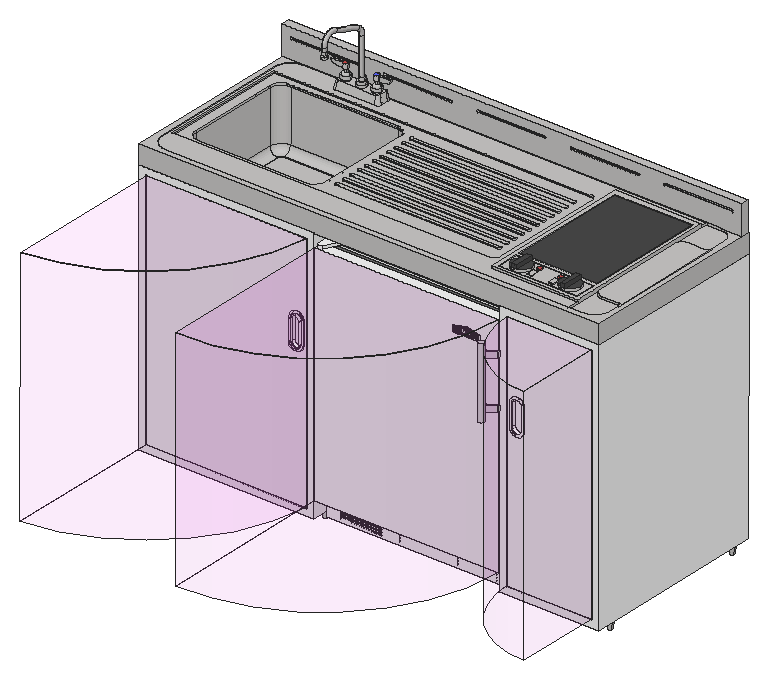
Revit family "QF_Summit_C60ELGLASS_Kitchenette", category Specialty Equipment, Revit 2020 (continued)
Definition of nested family "Summit_CT661W"
  Automatic sketch dimensions
    curve 10 to plane 2 "LEFT" = 0"
    plane 4 "FRONT" to curve 11 = 0"
    plane 4 "FRONT" to curve 3 = 0"
    curve 2 to plane 4 "FRONT" = 0.00241"
    curve 2 to plane 3 "RIGHT" = 0.00418"
    curve 25 to plane 3 "RIGHT" = 0.025"
    curve 17 to plane 3 "RIGHT" = 0.08236"
    curve 24 to curve 17 = 0.04264"
    plane 3 "RIGHT" to curve 22 = 0.04264"
    curve 22 to curve 23 = 0.05736"
    plane 3 "RIGHT" to curve 1 = 0.71294"
    plane 3 "RIGHT" to curve 22 = 0.89527"
    curve 21 to curve 21 = 0.05736"
    curve 21 to curve 19 = 0.35473"
    curve 19 to curve 18 = 1/4"
    plane 3 "RIGHT" to curve 16 = 3.48885"
    plane 2 "LEFT" to curve 2 = 3.48885"
    plane 2 "LEFT" to curve 5 = 1 1/2"
    curve 5 to curve 13 = 1/4"
    curve 6 to curve 8 = 0.29737"
    curve 8 to curve 9 = 0.05736"
    plane 2 "LEFT" to curve 15 = 0.71294"
    curve 10 to curve 10 = 0.1"
    plane 2 "LEFT" to curve 9 = 0.04264"
    curve 12 to plane 2 "LEFT" = 0.025"
    curve 4 to plane 2 "LEFT" = 0.08236"
    curve 4 to curve 11 = 0.04264"
    curve 15 to plane 4 "FRONT" = 0.54772"
    curve 1 to plane 4 "FRONT" = 0.54772"
    curve 3 to curve 3 = 0.13186"
    plane 4 "FRONT" to curve 23 = 0.13186"
    curve 23 to curve 24 = 0.06507"
    curve 12 to curve 9 = 0.01684"
    plane 4 "FRONT" to curve 8 = 0.72888"
    plane 4 "FRONT" to curve 21 = 0.72888"
    curve 8 to curve 9 = 0.08192"
    curve 21 to curve 22 = 0.08192"
    curve 21 to curve 18 = 0.08811"
    curve 8 to curve 5 = 0.08811"
    curve 18 to curve 20 = 0.43301"
    curve 5 to curve 7 = 0.43301"
    curve 13 to curve 2 = 10.37561"
    curve 26 to curve 19 = 3/8"
    curve 17 to curve 20 = 0.04034"
    curve 13 to curve 5 = 1/8"
    curve 7 to curve 4 = 0.04034"
    curve 1 to plane 4 "FRONT" = 0.00241"
    radius of Extrusion 3 sketch curve = 1/4"
    radius of Extrusion 19 sketch curve = 3/8"
  Nested families (in)
    nested 1: "QF_LOGO_SUMMIT" at (17.69244, -23.75, 28.86458), type "QF_LOGO_SUMMIT"
      with Show Logo yes
  Definition of nested family "QF_LOGO_SUMMIT"
    Parameters (values of type "QF_LOGO_SUMMIT")
      Show Logo [instance] = yes
      Default Elevation = 0"
    Reference planes (in)
      plane 1 "Center (Front/Back)": y = 0
      plane 2: z = 0
      plane 3 "Center (Left/Right)": x = 0
      plane 4: x = 1.72603
    Forms (in)
      Extrusion 1, solid
        sketch origin (-11.16229, 0.625, -2.89667) x (1, 0, 0) y (0, 0, -1)
          loop
            line (11.47787, -3.03897) -> (11.47787, -3.18068) -> (11.2411, -3.18068) -> (11.2411, -3.60532) -> (11.63555, -3.69212) -> (11.63555, -3.44494) -> (11.49851, -3.44494) -> (11.47737, -3.48529) -> (11.41852, -3.4847) -> (11.41852, -3.34299) -> (11.63555, -3.34299) -> (11.63555, -2.91649) -> (11.2411, -2.91649) -> (11.2411, -3.07874) -> (11.39788, -3.07874) -> (11.41903, -3.03839) -> (11.47787, -3.03897)
          loop
            line (11.73022, -2.91649) -> (11.73022, -3.71295) -> (11.89213, -3.74858) -> (11.89213, -3.14119) -> (11.97076, -3.14119) -> (11.97076, -3.76588) -> (12.12593, -3.80003) -> (12.12593, -2.91649) -> (11.73022, -2.91649)
          loop
            line (12.22795, -2.91649) -> (12.22795, -3.82675) -> (12.42218, -3.86949) -> (12.54348, -3.38385) -> (12.66208, -3.92228) -> (12.83954, -3.96133) -> (12.83954, -2.91649) -> (12.68166, -2.91649) -> (12.68166, -3.26138) -> (12.58261, -2.91649) -> (12.50318, -2.91649) -> (12.40552, -3.14057) -> (12.40552, -2.91649) -> (12.22795, -2.91649)
          loop
            line (12.93793, -2.91649) -> (12.93793, -3.96561) -> (13.13482, -3.92228) -> (13.25343, -3.38385) -> (13.37473, -3.86949) -> (13.56896, -3.82675) -> (13.56896, -2.91649) -> (13.39139, -2.91649) -> (13.39139, -3.14057) -> (13.29372, -2.91649) -> (13.2143, -2.91649) -> (13.11525, -3.26138) -> (13.11525, -2.91649) -> (12.93793, -2.91649)
          loop
            line (13.66715, -2.91649) -> (13.66715, -3.80514) -> (13.88471, -3.75727) -> (13.88471, -2.91649) -> (13.66715, -2.91649)
          loop
            line (13.98287, -3.5221) -> (13.98287, -3.73567) -> (14.516, -3.61836) -> (14.516, -3.40479) -> (14.3382, -3.44392) -> (14.3382, -2.91649) -> (14.14108, -2.91649) -> (14.14108, -3.48729) -> (13.98287, -3.5221)
        from -0.63712 to -0.625
      Extrusion 2, solid
        sketch origin (-11.16229, 0.625, -2.89667) x (1, 0, 0) y (0, 0, -1)
          loop
            line (12.88832, -4.03474) -> (14.59485, -3.66145) -> (14.59485, -2.89667) -> (11.16229, -2.89667) -> (11.16229, -3.64842) -> (12.88832, -4.03474)
          loop
            line (11.2411, -3.60532) -> (11.63555, -3.69212) -> (11.63555, -3.44494) -> (11.49851, -3.44494) -> (11.47737, -3.48529) -> (11.41852, -3.4847) -> (11.41852, -3.34299) -> (11.63555, -3.34299) -> (11.63555, -2.91649) -> (11.2411, -2.91649) -> (11.2411, -3.07874) -> (11.39788, -3.07874) -> (11.41903, -3.03839) -> (11.47787, -3.03897) -> (11.47787, -3.18068) -> (11.2411, -3.18068) -> (11.2411, -3.60532)
          loop
            line (11.73022, -3.71295) -> (11.89213, -3.74858) -> (11.89213, -3.14119) -> (11.97076, -3.14119) -> (11.97076, -3.76588) -> (12.12593, -3.80003) -> (12.12593, -2.91649) -> (11.73022, -2.91649) -> (11.73022, -3.71295)
          loop
            line (12.22795, -3.82675) -> (12.42218, -3.86949) -> (12.54348, -3.38385) -> (12.66208, -3.92228) -> (12.83954, -3.96133) -> (12.83954, -2.91649) -> (12.68166, -2.91649) -> (12.68166, -3.26138) -> (12.58261, -2.91649) -> (12.50318, -2.91649) -> (12.40552, -3.14057) -> (12.40552, -2.91649) -> (12.22795, -2.91649) -> (12.22795, -3.82675)
          loop
            line (12.93793, -3.96561) -> (13.13482, -3.92228) -> (13.25343, -3.38385) -> (13.37473, -3.86949) -> (13.56896, -3.82675) -> (13.56896, -2.91649) -> (13.39139, -2.91649) -> (13.39139, -3.14057) -> (13.29372, -2.91649) -> (13.2143, -2.91649) -> (13.11525, -3.26138) -> (13.11525, -2.91649) -> (12.93793, -2.91649) -> (12.93793, -3.96561)
          loop
            line (13.66715, -3.80514) -> (13.88471, -3.75727) -> (13.88471, -2.91649) -> (13.66715, -2.91649) -> (13.66715, -3.80514)
          loop
            line (13.98287, -3.73567) -> (14.516, -3.61836) -> (14.516, -3.40479) -> (14.3382, -3.44392) -> (14.3382, -2.91649) -> (14.14108, -2.91649) -> (14.14108, -3.48729) -> (13.98287, -3.5221) -> (13.98287, -3.73567)
        from -0.625 to -0.63712
    Dimensions and locks (in)
      plane 3 "Center (Left/Right)" to plane 4 = 1.72603"
      aligned and locked: level to plane 2
      aligned and locked: Extrusion 1 to Extrusion 2
